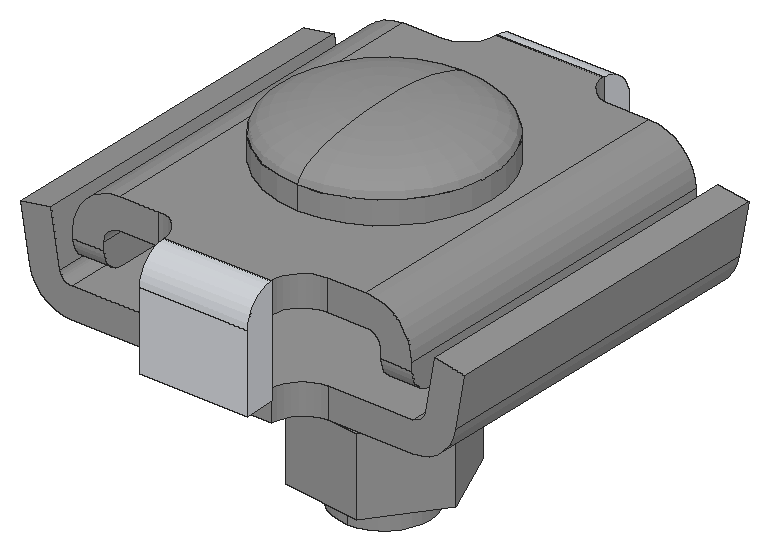
Revit family "Stoßstellenverbinder - GSV 34 G.rfa.ok", category Generic Models, Revit 2017
Family settings
  Can host rebar = No
  Round Connector Dimension = Use Diameter
  Part Type = Normal
  Work Plane-Based = No
  Always vertical = Yes
  Cut with Voids When Loaded = No
  Shared = No
  Room Calculation Point = No
Parameters (values of type "GSV 34 A4")
  URL = "http://www.obo-bettermann.com"
  Material = Stainless steel, A4
  Manufacturer Art.No. = "6016648"
  Manufacturer = "OBO BETTERMANN"
  GTIN = "4012196120079"
  Article Type = "GSV 34 A4"
Types (6, lengths in mm): name | Material | Manufacturer Art.No. | GTIN | Article Type
  (no name) | Stainless steel, A4 | "6016648" | "4012196120079" | "GSV 34 A4"
  GSV 34 G | galvanisch verzinkt | "6016596" | "4012196520510" | "GSV 34 G"
  GSV 34 FT | Hot-dip galvanised | "6016634" | "4012196013159" | "GSV 34 FT"
  GSV 34 A2 | Stainless steel, A2 | "6016642" | "4012196013210" | "GSV 34 A2"
  GSV 34 A4 | Stainless steel, A4 | "6016648" | "4012196120079" | "GSV 34 A4"
  GSV 34 FTK LGR | PES50 - Polyester / epoxy | "6479375" | "4012196333318" | "GSV 34 FTK LGR"
Reference planes
  plane 1 "Center (Front/Back)": y = 0
  plane 2: z = 0
  plane 3 "Center (Left/Right)": x = 0
  plane 4: x = 11.75
  plane 5: x = -11.75
  plane 6: z = 5.76
  plane 7: y = 27
  plane 8: y = 25
  plane 9: y = 2
  plane 10: y = 13.5
  plane 11: x = -6.041
  plane 12: x = 6
  plane 13: z = -1.037
  plane 14: through (6, -1524, -1.037) normal (-0.866, 0, 0.5)
  plane 15: y = 7.5
  plane 16: z = 3.275
  plane 17: x = -11
  plane 18: x = 11
  plane 19: y = 30.5
  plane 20: y = -3.5
  plane 21: z = 1.275
  plane 22: z = 1.56
  plane 23: y = 28.5
  plane 24: z = -4.945
  plane 25: z = -9.945
Forms (mm)
  Extrusion 1, solid, material "Stainless steel, A4" <- "Material"
    sketch origin (0, 0, 0) x (1, 0, 0) y (0, 0, 1)
      loop
        arc (-11.079, 2) -> (-11.593, 2.187) -> (-11.867, 2.661) r 0.8
        line (-11.867, 2.661) -> (-12.471, 6.09) -> (-14.441, 5.743) -> (-13.836, 2.314)
        arc (-13.836, 2.314) -> (-12.879, 0.655) -> (-11.079, 0) r 2.8
        line (-11.079, 0) -> (11.041, 0)
        arc (11.041, 0) -> (12.87, 0.665) -> (13.843, 2.351) r 2.844
        line (13.843, 2.351) -> (14.438, 5.727) -> (12.468, 6.075) -> (11.873, 2.698)
        arc (11.873, 2.698) -> (11.584, 2.198) -> (11.041, 2) r 0.844
        line (11.041, 2) -> (-11.079, 2)
    from 0 to -27
  Extrusion 2, void
    sketch origin (0, 0, 0) x (1, 0, 0) y (0, 1, 0)
      loop
        arc (-5.52, 25) -> (-4.106, 25.586) -> (-3.52, 27) r 2
        line (-3.52, 27) -> (-14.441, 27) -> (-14.441, 25) -> (-5.52, 25)
      loop
        line (5.491, 25) -> (14.438, 25) -> (14.438, 27) -> (3.491, 27)
        arc (3.491, 27) -> (4.076, 25.586) -> (5.491, 25) r 2
      loop
        line (-5.504, 2) -> (-14.441, 2) -> (-14.441, 0) -> (-3.504, 0)
        arc (-3.504, 0) -> (-4.09, 1.414) -> (-5.504, 2) r 2
      loop
        arc (5.499, 2) -> (4.084, 1.414) -> (3.499, 0) r 2
        line (3.499, 0) -> (14.438, 0) -> (14.438, 2) -> (5.499, 2)
    from 0 to 6.611
  Extrusion 3, void
    sketch origin (0, 0, 0) x (1, 0, 0) y (0, 1, 0)
      loop
        circle (0, 13.5) r 3.534
    from 0 to 2
  Revolve 4, solid, material "Stainless steel, A4" <- "Material"
    sketch origin (0, 0, 0) x (0, 1, 0) y (0, 0, 1)
      loop
        line (9.966, 0) -> (7.5, 0) -> (8.099, -1.037) -> (9.966, -1.037) -> (9.966, 0)
      axis (13.5, 0) -> (13.5, -1.037)
    angle from 0 to 360
  Extrusion 5, solid, material "Stainless steel, A4" <- "Material"
    sketch origin (0, 0, 0) x (1, 0, 0) y (0, 0, 1)
      loop
        line (-11, 3.275) -> (-9, 3.275) -> (-9, 5.275)
        arc (-9, 5.275) -> (-8.707, 5.982) -> (-8, 6.275) r 1
        line (-8, 6.275) -> (7.996, 6.275)
        arc (7.996, 6.275) -> (8.703, 5.982) -> (8.996, 5.275) r 1
        line (8.996, 5.275) -> (8.996, 3.275) -> (10.996, 3.275) -> (10.996, 5.275)
        arc (10.996, 5.275) -> (10.118, 7.396) -> (7.996, 8.275) r 3
        line (7.996, 8.275) -> (-8, 8.275)
        arc (-8, 8.275) -> (-10.121, 7.396) -> (-11, 5.275) r 3
        line (-11, 5.275) -> (-11, 3.275)
    from -30.5 to 3.5
  Extrusion 6, void
    sketch origin (0, 0, 0) x (1, 0, 0) y (0, 1, 0)
      loop
        line (-3.505, 30.5) -> (-11, 30.5) -> (-11, 25) -> (-5.505, 25)
        arc (-5.505, 25) -> (-4.091, 25.586) -> (-3.505, 27) r 2
        line (-3.505, 27) -> (-3.505, 30.5)
      loop
        line (3.465, 30.5) -> (3.465, 27)
        arc (3.465, 27) -> (4.051, 25.586) -> (5.465, 25) r 2
        line (5.465, 25) -> (10.996, 25) -> (10.996, 30.5) -> (3.465, 30.5)
    from 3.275 to 8.275
  Extrusion 7, void
    sketch origin (0, 0, 0) x (1, 0, 0) y (0, 1, 0)
      loop
        line (-3.536, -3.5) -> (-3.536, 0)
        arc (-3.536, 0) -> (-4.122, 1.414) -> (-5.536, 2) r 2
        line (-5.536, 2) -> (-11, 2) -> (-11, -3.5) -> (-3.536, -3.5)
      loop
        line (3.452, -3.5) -> (10.996, -3.5) -> (10.996, 2) -> (5.452, 2)
        arc (5.452, 2) -> (4.038, 1.414) -> (3.452, 0) r 2
        line (3.452, 0) -> (3.452, -3.5)
    from 3.275 to 8.275
  Extrusion 8, void
    sketch origin (0, 0, 0) x (1, 0, 0) y (0, 1, 0)
      loop
        line (-3.5, 17) -> (-3.5, 10) -> (3.5, 10) -> (3.5, 17) -> (-3.5, 17)
    from 6.275 to 8.275
  Extrusion 9, void
    sketch origin (0, 0, 0) x (1, 0, 0) y (0, 1, 0)
      loop
        line (-3.505, 27) -> (3.465, 27) -> (3.465, 30.5) -> (-3.505, 30.5) -> (-3.505, 27)
      loop
        line (-3.536, 0) -> (-3.536, -3.5) -> (3.452, -3.5) -> (3.452, 0) -> (-3.536, 0)
    from 6.275 to 8.275
  Extrusion 10, solid
    sketch origin (0, 0, 0) x (0, 1, 0) y (0, 0, 1)
      loop
        arc (28.986, 6.275) -> (28.4, 7.689) -> (26.986, 8.275) r 2
        line (26.986, 8.275) -> (26.986, 6.275) -> (26.986, 1.275) -> (28.986, 1.275) -> (28.986, 6.275)
      loop
        line (-1.986, 6.275) -> (-1.986, 1.275) -> (0.014, 1.275) -> (0.014, 6.275) -> (0.014, 8.275)
        arc (0.014, 8.275) -> (-1.4, 7.689) -> (-1.986, 6.275) r 2
    from -3.5 to 3.5
  Extrusion 11, void
    sketch origin (0, 0, 0) x (0, 1, 0) y (0, 0, 1)
      loop
        line (2, 4.775) -> (2, 3.275) -> (3.5, 3.275)
        arc (3.5, 3.275) -> (2.439, 3.714) -> (2, 4.775) r 1.5
      loop
        arc (25, 4.775) -> (24.561, 3.714) -> (23.5, 3.275) r 1.5
        line (23.5, 3.275) -> (25, 3.275) -> (25, 4.775)
    from 8.996 to 10.996
  Extrusion 12, void
    sketch origin (0, 0, 0) x (0, 1, 0) y (0, 0, 1)
      loop
        arc (25, 4.775) -> (24.561, 3.714) -> (23.5, 3.275) r 1.5
        line (23.5, 3.275) -> (25, 3.275) -> (25, 4.775)
      loop
        line (2, 4.775) -> (2, 3.275) -> (3.5, 3.275)
        arc (3.5, 3.275) -> (2.439, 3.714) -> (2, 4.775) r 1.5
    from -11 to -9
  Revolve 13, solid, material "Stainless steel, A4" <- "Material"
    sketch origin (0, 0, 0) x (0, 1, 0) y (0, 0, 1)
      loop
        line (13.5, 8.275) -> (13.5, 9.765) -> (6.511, 9.765) -> (6.511, 8.275) -> (13.5, 8.275)
      axis (13.5, 9.765) -> (13.5, 8.275)
    angle from 0 to 360
  Revolve 14, solid, material "Stainless steel, A4" <- "Material"
    sketch origin (0, 0, 0) x (0, 1, 0) y (0, 0, 1)
      loop
        spline (13.5, 11.72) -> (12.588, 11.704) -> (11.691, 11.654) -> (10.825, 11.571) -> (10.005, 11.458) -> (9.245, 11.316) -> (8.558, 11.148) -> (7.955, 10.955) -> (7.447, 10.743) -> (7.043, 10.513) -> (6.749, 10.271) -> (6.571, 10.021) -> (6.511, 9.765)
        line (6.511, 9.765) -> (13.5, 9.765) -> (13.5, 11.72)
      axis (13.5, 11.72) -> (13.5, 9.765)
    angle from 0 to 360
  Revolve 15, solid, material "Stainless steel, A4" <- "Material"
    sketch origin (0, 0, 0) x (0, 1, 0) y (0, 0, 1)
      loop
        line (13.5, 8.275) -> (10.5, 8.275) -> (10.5, -11.725) -> (13.5, -11.725) -> (13.5, 8.275)
      axis (13.5, 8.275) -> (13.5, -11.725)
    angle from 0 to 360
  Extrusion 16, solid, material "Stainless steel, A4" <- "Material"
    sketch origin (0, 0, 0) x (1, 0, 0) y (0, 1, 0)
      loop
        line (1.659, 10.379) -> (3.532, 13.377) -> (1.873, 16.497) -> (-1.659, 16.621) -> (-3.532, 13.623) -> (-1.873, 10.503) -> (1.659, 10.379)
      loop
        line (2.021, 8.738) -> (5.135, 12.87) -> (3.113, 17.631) -> (-2.021, 18.262) -> (-5.135, 14.13) -> (-3.113, 9.369) -> (2.021, 8.738)
    from -9.945 to -4.945
  Revolve 17, solid, material "Stainless steel, A4" <- "Material"
    sketch origin (0, 0, 0) x (0, 1, 0) y (0, 0, 1)
      loop
        line (10.553, -1.037) -> (8.072, -1.037) -> (8.072, -2.642) -> (10.553, -2.642) -> (10.553, -1.037)
      axis (13.5, -1.037) -> (13.5, -2.642)
    angle from 0 to 360
Cuts and joins
  Extrusion 2, Extrusion 3, Extrusion 11, Extrusion 12 cuts Extrusion 1
  Extrusion 6, Extrusion 7, Extrusion 8, Extrusion 9, Extrusion 11, Extrusion 12 cuts Extrusion 5
Dimensions and locks
  locked: Extrusion 1 sketch curve to level at 2
  Extrusion 1 sketch curve to Extrusion 1 sketch curve = 5.727 mm
  locked: plane 6 to level at 5.76
  locked: Extrusion 1 sketch curve to Extrusion 1 sketch curve at 24.94
  locked: Extrusion 1 sketch curve to Extrusion 1 sketch curve at 2  (x3)
  locked: Extrusion 1 sketch curve to level at 5.727
  locked: Extrusion 1 sketch curve to level at 5.743
  locked: plane 1 "Center (Front/Back)" to plane 7 at 27
  locked: Extrusion 1 to plane 8 at 2
  locked: Extrusion 1 to plane 9 at 2
  locked: cut or joined group of Extrusion 1, Extrusion 2, Extrusion 3, Extrusion 11, Extrusion 12 to plane 10 at 13.5
  locked: Extrusion 3 sketch curve to cut or joined group of Extrusion 1, Extrusion 2, Extrusion 3, Extrusion 11, Extrusion 12 at 7.966
  locked: plane 18 to plane 17 at 22
  locked: plane 3 "Center (Left/Right)" to plane 17 at 11
  locked: Extrusion 5 sketch curve to Extrusion 5 sketch curve at 2
  locked: Extrusion 5 sketch curve to Extrusion 5 sketch curve at 5  (x2)
  locked: Extrusion 5 sketch curve to Extrusion 5 sketch curve at 17.996
  locked: Extrusion 5 sketch curve to cut or joined group of Extrusion 1, Extrusion 2, Extrusion 3, Extrusion 11, Extrusion 12 at 4.275
  locked: plane 7 to plane 19 at 3.5
  locked: plane 20 to plane 1 "Center (Front/Back)" at 3.5
  locked: Extrusion 8 sketch curve to Extrusion 8 sketch curve at 7  (x2)
  locked: plane 3 "Center (Left/Right)" to Extrusion 8 sketch curve at 3.5
  locked: plane 10 to Extrusion 8 sketch curve at 3.5
  locked: cut or joined group of Extrusion 5, Extrusion 6, Extrusion 7, Extrusion 8, Extrusion 9, Extrusion 11, Extrusion 12 to plane 21 at 7
  cut or joined group of Extrusion 5, Extrusion 6, Extrusion 7, Extrusion 8, Extrusion 9, Extrusion 11, Extrusion 12 to cut or joined group of Extrusion 5, Extrusion 6, Extrusion 7, Extrusion 8, Extrusion 9, Extrusion 11, Extrusion 12 = 2 mm
  cut or joined group of Extrusion 5, Extrusion 6, Extrusion 7, Extrusion 8, Extrusion 9, Extrusion 11, Extrusion 12 to plane 23 = 3.5 mm
  cut or joined group of Extrusion 5, Extrusion 6, Extrusion 7, Extrusion 8, Extrusion 9, Extrusion 11, Extrusion 12 to Extrusion 10 sketch curve = 1.986 mm
  locked: Extrusion 10 sketch curve to Extrusion 10 sketch curve at 2  (x2)
  locked: Extrusion 10 sketch curve to Extrusion 10 sketch curve at 7  (x2)
  locked: Revolve 13 sketch curve to Revolve 13 sketch curve at 1.491
  locked: Revolve 13 sketch curve to Revolve 13 sketch curve at 6.989
  locked: Revolve 13 to Revolve 14 sketch curve at 1.955
  locked: Extrusion 16 sketch curve to plane 10 at 3.121
  locked: Extrusion 16 sketch curve to plane 10 at 4.762
  locked: plane 24 to plane 25 at 5
  locked: plane 5 to Extrusion 1 sketch curve (angle 10.00°)
  locked: Extrusion 1 sketch curve to plane 6 (angle 100.00°)
  aligned and locked: level to plane 2
  aligned and locked: plane 7 to Extrusion 1
  aligned and locked: Extrusion 2 sketch curve to plane 7
  aligned and locked: plane 7 to Extrusion 2 sketch curve
  aligned and locked: Extrusion 2 sketch curve to plane 8
  aligned and locked: Extrusion 2 sketch curve to Extrusion 2 sketch curve  (x2)
  aligned and locked: plane 1 "Center (Front/Back)" to Extrusion 2 sketch curve
  aligned and locked: Extrusion 1 to Extrusion 2 sketch curve  (x2)
  aligned and locked: Extrusion 2 sketch curve to plane 1 "Center (Front/Back)"
  aligned and locked: Extrusion 2 sketch curve to plane 9
  aligned and locked: plane 9 to Extrusion 2 sketch curve
  aligned and locked: Extrusion 2 to level
  aligned and locked: Extrusion 3 to level
  aligned and locked: Extrusion 1 to Extrusion 3
  aligned and locked: level to Revolve 4 sketch curve
  aligned and locked: Revolve 4 sketch curve to plane 13
  aligned and locked: plane 19 to Extrusion 5
  aligned and locked: Extrusion 5 to plane 20
  aligned and locked: Extrusion 6 sketch curve to Extrusion 5
  aligned and locked: plane 8 to Extrusion 6 sketch curve
  aligned and locked: Extrusion 5 to Extrusion 6 sketch curve
  aligned and locked: plane 19 to Extrusion 6 sketch curve
  aligned and locked: Extrusion 6 sketch curve to plane 8
  aligned and locked: Extrusion 6 to Extrusion 5  (x2)
  aligned and locked: Extrusion 7 sketch curve to plane 20
  aligned and locked: plane 20 to Extrusion 7 sketch curve
  aligned and locked: Extrusion 7 to Extrusion 5  (x2)
  aligned and locked: Extrusion 5 to Extrusion 8  (x2)
  aligned and locked: Extrusion 9 sketch curve to plane 7
  aligned and locked: plane 19 to Extrusion 9 sketch curve
  aligned and locked: plane 20 to Extrusion 9 sketch curve
  aligned and locked: Extrusion 5 to Extrusion 9  (x2)
  aligned and locked: Extrusion 12 sketch curve to plane 8
  aligned and locked: Extrusion 12 sketch curve to plane 9
  aligned and locked: Revolve 15 sketch curve to Revolve 15 sketch curve
  aligned and locked: plane 10 to Revolve 15 sketch curve
  aligned and locked: Extrusion 16 to plane 25
  aligned and locked: plane 24 to Extrusion 16
Automatic sketch dimensions
  Extrusion 1 sketch curve to Extrusion 1 sketch curve = 0 mm  (x4)
  Extrusion 1 sketch curve to plane 5 = 2.691 mm
  level to Extrusion 1 sketch curve = 2.314 mm
  Extrusion 1 sketch curve to plane 4 = 0.709 mm
  Extrusion 2 sketch curve to plane 8 = 0 mm
  Extrusion 2 sketch curve to plane 7 = 0 mm
  plane 1 "Center (Front/Back)" to Extrusion 2 sketch curve = 0 mm
  plane 11 to Extrusion 2 sketch curve = 0.52 mm
  plane 11 to Extrusion 2 sketch curve = 0.537 mm
  Extrusion 2 sketch curve to plane 12 = 2.509 mm
  Extrusion 2 sketch curve to plane 12 = 2.501 mm
  Extrusion 3 sketch curve to plane 3 "Center (Left/Right)" = 0 mm
  Extrusion 3 sketch curve to plane 10 = 0 mm
  Revolve 4 sketch curve to plane 15 = 0 mm
  Revolve 4 sketch curve to level = 0 mm
  Revolve 4 sketch curve to plane 10 = 0 mm
  Revolve 4 sketch curve to plane 15 = 0.599 mm
  Revolve 4 sketch curve to Revolve 4 sketch curve = 1.867 mm
  Revolve 4 sketch curve to plane 13 = 9.757 mm
  Extrusion 5 sketch curve to Extrusion 5 sketch curve = 0 mm  (x4)
  Extrusion 5 sketch curve to plane 17 = 0 mm
  Extrusion 5 sketch curve to Extrusion 5 sketch curve = 1 mm  (x2)
  Extrusion 6 sketch curve to plane 7 = 0 mm  (x2)
  Extrusion 6 sketch curve to plane 19 = 0 mm
  plane 11 to Extrusion 6 sketch curve = 0.535 mm
  Extrusion 6 sketch curve to plane 12 = 2.535 mm
  Extrusion 7 sketch curve to plane 9 = 0 mm  (x2)
  plane 1 "Center (Front/Back)" to Extrusion 7 sketch curve = 0 mm  (x2)
  plane 11 to Extrusion 7 sketch curve = 0.504 mm
  Extrusion 7 sketch curve to plane 12 = 2.548 mm
  plane 1 "Center (Front/Back)" to Extrusion 9 sketch curve = 0 mm
  Extrusion 10 sketch curve to plane 21 = 0 mm  (x2)
  Extrusion 10 sketch curve to plane 1 "Center (Front/Back)" = 0.014 mm
  Extrusion 10 sketch curve to Extrusion 10 sketch curve = 0 mm  (x3)
  Extrusion 11 sketch curve to plane 9 = 0 mm
  Extrusion 11 sketch curve to plane 8 = 0 mm
  Extrusion 11 sketch curve to Extrusion 11 sketch curve = 1.5 mm  (x2)
  level to Extrusion 11 sketch curve = 3.275 mm
  level to Extrusion 11 sketch curve = 4.775 mm
  Extrusion 12 sketch curve to Extrusion 12 sketch curve = 1.5 mm  (x2)
  Revolve 13 sketch curve to plane 10 = 0 mm  (x2)
  level to Revolve 13 sketch curve = 8.275 mm
  Revolve 13 sketch curve to Revolve 13 sketch curve = 1.61 mm
  Revolve 13 sketch curve to Revolve 13 sketch curve = 4.314 mm
  Revolve 14 sketch curve to plane 10 = 0 mm  (x2)
  plane 9 to Revolve 14 sketch curve = 4.511 mm
  Revolve 14 sketch curve to Revolve 14 sketch curve = 0.783 mm
  Revolve 14 sketch curve to Revolve 14 sketch curve = 1.955 mm
  Revolve 14 sketch curve to Revolve 14 sketch curve = 8.331 mm
  Revolve 15 sketch curve to plane 10 = 0 mm
  Revolve 15 sketch curve to plane 10 = 3 mm
  Revolve 15 sketch curve to plane 13 = 10.688 mm
  level to Revolve 15 sketch curve = 8.275 mm
  Revolve 15 sketch curve to Revolve 15 sketch curve = 28.609 mm
  plane 11 to Extrusion 16 sketch curve = 0.906 mm
  plane 10 to Extrusion 16 sketch curve = 0.123 mm
  Extrusion 16 sketch curve to Extrusion 16 sketch curve = 1.602 mm
  plane 11 to Extrusion 16 sketch curve = 2.927 mm
  Extrusion 16 sketch curve to plane 3 "Center (Left/Right)" = 2.021 mm
  Extrusion 16 sketch curve to Extrusion 16 sketch curve = 1.24 mm  (x2)
  Extrusion 16 sketch curve to plane 3 "Center (Left/Right)" = 1.659 mm
  plane 3 "Center (Left/Right)" to Extrusion 16 sketch curve = 1.659 mm
  plane 3 "Center (Left/Right)" to Extrusion 16 sketch curve = 1.873 mm
  Extrusion 16 sketch curve to Extrusion 16 sketch curve = 0.362 mm
  Extrusion 16 sketch curve to plane 10 = 0.123 mm
  Extrusion 16 sketch curve to plane 12 = 2.468 mm
  Extrusion 16 sketch curve to plane 12 = 0.865 mm
  Extrusion 16 sketch curve to plane 10 = 0.63 mm
  Extrusion 16 sketch curve to plane 10 = 2.997 mm
  Extrusion 16 sketch curve to plane 10 = 3.121 mm
  Extrusion 16 sketch curve to Extrusion 16 sketch curve = 1.134 mm  (x2)
  Extrusion 16 sketch curve to Extrusion 16 sketch curve = 1.641 mm
  plane 10 to Extrusion 16 sketch curve = 0.63 mm
  plane 10 to Extrusion 16 sketch curve = 2.997 mm
  Revolve 17 sketch curve to plane 13 = 0 mm
  Revolve 17 sketch curve to plane 10 = 0 mm
  Revolve 17 sketch curve to plane 10 = 2.947 mm
  Revolve 17 sketch curve to Revolve 17 sketch curve = 2.482 mm
  Revolve 17 sketch curve to plane 13 = 1.605 mm
  Revolve 17 sketch curve to plane 24 = 0.038 mm
  level to Revolve 17 sketch curve = 2 mm
  Extrusion 7 sketch curve to plane 11 = 4.959 mm
  plane 12 to Extrusion 7 sketch curve = 4.996 mm
  plane 11 to Extrusion 9 sketch curve = 2.504 mm
  plane 11 to Extrusion 9 sketch curve = 2.535 mm
  Extrusion 9 sketch curve to plane 12 = 2.548 mm
  Extrusion 9 sketch curve to plane 12 = 2.535 mm
  level to Extrusion 12 sketch curve = 3.275 mm  (x2)
